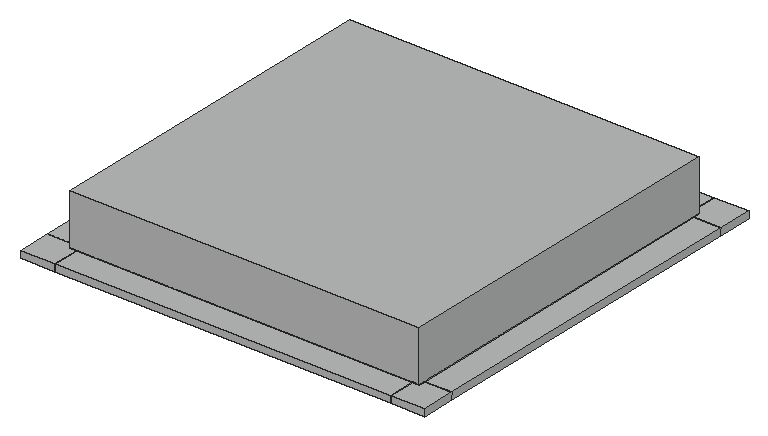
Revit family "ALUMOGIPS", category Осветительные приборы, Revit 2019 (continued)
Types (72, lengths in mm): name | Файл фотометрической сетки | built-in parameter 1150105 | Lumens | built-in parameter 1150106 | built-in parameter 1150142 | Wattage | Emit from Rectangle Width | Emit from Rectangle Length | Длина | Материал светильника | Ширина | ADSK_Ток | ADSK_Полная мощность | ADSK_Обозначение | ADSK_Номинальная мощность | ADSK_Наименование | ADSK_Масса | ADSK_Код изделия
    647 2.549 2.450 2.352 2.254 2.157 2.157 2.059 1.960 1.862 \r\n1.764 1.667 1.569 1.569 1.470 1.372 1.274 1.177 1.078 0.980 0.882 0.882 0.784 0.687 0.588 0.490 0.392 0.294 0.294 0.196 0.098 0.000 \r\n2755.907 2756.592 2751.104 2743.850 2728.264 2709.934 2687.389 2658.864 2627.007 2589.170 2545.942 2500.459 2452.036 2399.790 2343.035 2283.438 2222.565 2156.008 \r\n2088.079 2017.796 1945.750 1871.350 1794.794 1716.867 1637.076 1555.619 1473.182 1389.372 1303.113 1214.892 1128.633 1041.687 954.446 867.402 780.260 694.294 608.917 525.205 \r\n444.042 365.625 291.029 220.453 153.209 92.730 38.621 3.823 3.725 3.627 3.529 3.431 3.431 3.332 3.234 3.137 3.039 2.941 2.842 2.744 2.744 2.647 2.549 2.450 2.352 2.254 2.157 2.157 2.059 1.960 1.862 \r\n1.764 1.667 1.569 1.569 1.470 1.372 1.274 1.177 1.078 0.980 0.882 0.882 0.784 0.687 0.588 0.490 0.392 0.294 0.294 0.196 0.098 0.000 \r\n2755.907 2756.789 2751.201 2744.046 2728.558 2710.326 2687.879 2659.354 2627.693 2589.856 2546.629 2501.244 2452.820 2400.672 2343.917 2284.320 2223.545 2156.890 \r\n2089.059 2018.776 1946.730 1872.330 1795.774 1717.847 1638.056 1556.501 1474.064 1390.255 1304.093 1215.677 1129.417 1042.373 955.133 867.991 780.750 694.686 609.309 525.499 \r\n444.337 365.820 291.128 220.551 153.308 92.730 38.719 3.823 3.725 3.627 3.529 3.431 3.431 3.332 3.234 3.137 3.039 2.941 2.842 2.842 2.744 2.647 2.549 2.450 2.352 2.254 2.157 2.157 2.059 1.960 1.862 \r\n1.764 1.667 1.569 1.569 1.470 1.372 1.274 1.177 1.078 0.980 0.980 0.882 0.784 0.687 0.588 0.490 0.392 0.294 0.294 0.196 0.098 0.000 \r\n2755.907 2756.887 2751.398 2744.340 2728.852 2710.718 2688.466 2659.943 2628.281 2590.542 2547.314 2501.930 2453.605 2401.554 2344.799 2285.201 2224.525 2157.870 \r\n2090.039 2019.756 1947.710 1873.310 1796.853 1718.827 1638.939 1557.481 1474.946 1391.137 1304.975 1216.559 1130.201 1043.157 955.720 868.481 781.240 695.176 609.701 525.794 \r\n444.631 366.016 291.323 220.649 153.406 92.827 38.719 3.823 3.725 3.627 3.529 3.431 3.431 3.332 3.234 3.137 3.039 2.941 2.842 2.842 2.744 2.647 2.549 2.450 2.352 2.254 2.157 2.157 2.059 1.960 1.862 \r\n1.764 1.667 1.569 1.569 1.470 1.372 1.274 1.177 1.078 0.980 0.980 0.882 0.784 0.687 0.588 0.490 0.392 0.294 0.294 0.196 0.098 0.000 \r\n2755.907 2756.985 2751.496 2744.634 2729.244 2711.110 2688.957 2660.531 2628.967 2591.228 2548.001 2502.616 2454.389 2402.339 2345.682 2286.084 2225.506 2158.850 \r\n2091.019 2020.737 1948.690 1874.290 1797.833 1719.807 1639.919 1558.364 1475.926 1392.019 1305.955 1217.343 1130.887 1043.843 956.407 869.069 781.730 695.568 610.093 526.185 \r\n444.827 366.213 291.519 220.747 153.406 92.925 38.817 3.823 3.725 3.627 3.529 3.431 3.431 3.332 3.234 3.137 3.039 2.941 2.842 2.842 2.744 2.647 2.549 2.450 2.352 2.254 2.254 2.157 2.059 1.960 1.862 \r\n1.764 1.667 1.569 1.569 1.470 1.372 1.274 1.177 1.078 0.980 0.980 0.882 0.784 0.687 0.588 0.490 0.392 0.294 0.294 0.196 0.098 0.000 \r\n2755.907 2757.083 2751.594 2744.830 2729.539 2711.502 2689.545 2661.021 2629.654 2591.915 2548.687 2503.401 2455.271 2403.221 2346.564 2286.966 2226.486 2159.733 \r\n2091.999 2021.619 1949.769 1875.369 1798.813 1720.787 1640.899 1559.344 1476.809 1392.804 1306.837 1218.128 1131.672 1044.529 957.093 869.656 782.319 696.058 610.485 526.479 \r\n445.121 366.408 291.618 220.845 153.503 92.925 38.915 3.823 3.725 3.627 3.529 3.529 3.431 3.332 3.234 3.137 3.039 2.941 2.842 2.842 2.744 2.647 2.549 2.450 2.352 2.254 2.254 2.157 2.059 1.960 1.862 \r\n1.764 1.667 1.569 1.569 1.470 1.372 1.274 1.177 1.078 0.980 0.980 0.882 0.784 0.687 0.588 0.490 0.392 0.294 0.294 0.196 0.098 0.000 \r\n2755.907 2757.180 2751.691 2745.124 2729.832 2711.992 2690.035 2661.608 2630.339 2592.601 2549.373 2504.086 2456.055 2404.103 2347.348 2287.848 2227.466 2160.713 \r\n2092.980 2022.599 1950.749 1876.349 1799.793 1721.768 1641.879 1560.226 1477.691 1393.686 1307.720 1219.010 1132.456 1045.215 957.681 870.245 782.809 696.548 610.877 526.774 \r\n445.414 366.605 291.813 220.943 153.601 93.024 38.915 3.823 3.725 3.627 3.529 3.529 3.431 3.332 3.234 3.137 3.039 2.941 2.842 2.842 2.744 2.647 2.549 2.450 2.352 2.254 2.254 2.157 2.059 1.960 1.862 \r\n1.764 1.667 1.569 1.569 1.470 1.372 1.274 1.177 1.078 0.980 0.980 0.882 0.784 0.687 0.588 0.490 0.392 0.294 0.294 0.196 0.098 0.000 \r\n2755.907 2757.279 2751.789 2745.418 2730.127 2712.384 2690.525 2662.197 2631.026 2593.287 2550.059 2504.871 2456.839 2404.985 2348.231 2288.730 2228.446 2161.694 \r\n2093.960 2023.579 1951.729 1877.329 1800.774 1722.846 1642.860 1561.207 1478.672 1394.568 1308.701 1219.793 1133.142 1046.000 958.367 870.833 783.299 696.941 611.269 527.067 \r\n445.709 366.800 292.010 221.041 153.700 93.024 39.013 3.823 3.725 3.627 3.529 3.529 3.431 3.332 3.234 3.137 3.039 2.941 2.941 2.842 2.744 2.647 2.549 2.450 2.352 2.254 2.254 2.157 2.059 1.960 1.862 \r\n1.764 1.667 1.569 1.569 1.470 1.372 1.274 1.177 1.078 0.980 0.980 0.882 0.784 0.687 0.588 0.490 0.392 0.294 0.294 0.196 0.098 0.000 \r\n2755.907 2757.475 2751.986 2745.615 2730.420 2712.777 2691.113 2662.785 2631.614 2593.973 2550.648 2505.556 2457.624 2405.770 2349.113 2289.612 2229.426 2162.576 \r\n2094.842 2024.559 1952.709 1878.309 1801.754 1723.826 1643.742 1562.089 1479.554 1395.450 1309.583 1220.578 1133.926 1046.685 958.956 871.421 783.789 697.431 611.661 527.459 \r\n445.905 366.997 292.108 221.237 153.798 93.122 39.013 3.823 3.725 3.627 3.529 3.529 3.431 3.332 3.234 3.137 3.039 2.941 2.941 2.842 2.744 2.647 2.549 2.450 2.352 2.254 2.254 2.157 2.059 1.960 1.862 \r\n1.764 1.667 1.667 1.569 1.470 1.372 1.274 1.177 1.078 0.980 0.980 0.882 0.784 0.687 0.588 0.490 0.392 0.294 0.294 0.196 0.098 0.000 \r\n2755.907 2757.573 2752.084 2745.908 2730.715 2713.169 2691.603 2663.275 2632.300 2594.659 2551.333 2506.341 2458.408 2406.652 2349.995 2290.495 2230.407 2163.556 \r\n2095.822 2025.539 1953.788 1879.388 1802.734 1724.806 1644.722 1563.069 1480.436 1396.332 1310.465 1221.460 1134.711 1047.372 959.642 872.010 784.279 697.921 612.053 527.754 \r\n446.199 367.193 292.303 221.335 153.798 93.122 39.111 3.823 3.725 3.627 3.627 3.529 3.431 3.332 3.234 3.137 3.039 2.941 2.941 2.842 2.744 2.647 2.549 2.450 2.352 2.254 2.254 2.157 2.059 1.960 1.862 \r\n1.764 1.667 1.667 1.569 1.470 1.372 1.274 1.177 1.078 0.980 0.980 0.882 0.784 0.687 0.588 0.490 0.392 0.294 0.294 0.196 0.098 0.000 \r\n2755.907 2757.671 2752.181 2746.202 2731.009 2713.561 2692.094 2663.863 2632.986 2595.346 2552.020 2507.027 2459.192 2407.534 2350.877 2291.377 2231.387 2164.536 \r\n2096.802 2026.520 1954.768 1880.368 1803.714 1725.787 1645.702 1563.951 1481.416 1397.215 1311.445 1222.245 1135.396 1048.058 960.229 872.500 784.867 698.313 612.446 528.048 \r\n446.493 367.487 292.500 221.433 153.896 93.220 39.209 3.823 3.725 3.627 3.627 3.529 3.431 3.332 3.234 3.137 3.039 2.941 2.941 2.842 2.744 2.647 2.549 2.450 2.352 2.254 2.254 2.157 2.059 1.960 1.862 \r\n1.764 1.667 1.667 1.569 1.470 1.372 1.274 1.177 1.078 0.980 0.980 0.882 0.784 0.687 0.588 0.490 0.392 0.294 0.294 0.196 0.098 0.000 \r\n2755.907 2757.769 2752.279 2746.497 2731.302 2713.953 2692.682 2664.452 2633.673 2596.031 2552.705 2507.713 2459.976 2408.417 2351.759 2292.259 2232.368 2165.418 \r\n2097.782 2027.403 1955.748 1881.348 1804.694 1726.767 1646.682 1564.931 1482.299 1398.097 1312.327 1223.029 1136.181 1048.842 960.916 873.088 785.357 698.803 612.838 528.342 \r\n446.788 367.683 292.598 221.532 153.993 93.220 39.209 3.823 3.725 3.627 3.627 3.529 3.431 3.332 3.234 3.137 3.039 2.941 2.941 2.842 2.744 2.647 2.549 2.450 2.352 2.352 2.254 2.157 2.059 1.960 1.862 \r\n1.764 1.667 1.667 1.569 1.470 1.372 1.274 1.177 1.078 0.980 0.980 0.882 0.784 0.687 0.588 0.490 0.392 0.294 0.294 0.196 0.098 0.000 \r\n2755.907 2757.867 2752.378 2746.692 2731.695 2714.443 2693.172 2665.040 2634.358 2596.718 2553.392 2508.497 2460.760 2409.200 2352.642 2293.141 2233.348 2166.398 \r\n2098.763 2028.383 1956.728 1882.328 1805.773 1727.747 1647.662 1565.814 1483.181 1398.881 1313.307 1223.911 1136.965 1049.529 961.603 873.675 785.848 699.195 613.230 528.734 \r\n446.983 367.879 292.793 221.629 154.091 93.317 39.307 3.823 3.725 3.627 3.627 3.529 3.431 3.332 3.234 3.137 3.039 2.941 2.941 2.842 2.744 2.647 2.549 2.450 2.352 2.352 2.254 2.157 2.059 1.960 1.862 \r\n1.764 1.667 1.667 1.569 1.470 1.372 1.274 1.177 1.078 0.980 0.980 0.882 0.784 0.687 0.588 0.490 0.392 0.294 0.294 0.196 0.098 0.000 \r\n2755.907 2757.965 2752.574 2746.987 2731.989 2714.835 2693.662 2665.530 2635.045 2597.404 2554.078 2509.184 2461.545 2410.082 2353.524 2294.024 2234.328 2167.378 \r\n2099.743 2029.363 1957.708 1883.309 1806.753 1728.727 1648.643 1566.794 1484.161 1399.764 1314.190 1224.695 1137.651 1050.214 962.190 874.264 786.338 699.685 613.621 529.028 \r\n447.278 368.075 292.990 221.727 154.190 93.415 39.405 3.823 3.725 3.627 3.627 3.529 3.431 3.332 3.234 3.137 3.039 3.039 2.941 2.842 2.744 2.647 2.549 2.450 2.352 2.352 2.254 2.157 2.059 1.960 1.862 \r\n1.764 1.667 1.667 1.569 1.470 1.372 1.274 1.177 1.078 0.980 0.980 0.882 0.784 0.687 0.588 0.490 0.392 0.294 0.294 0.196 0.098 0.000 \r\n2755.907 2758.161 2752.671 2747.280 2732.283 2715.227 2694.250 2666.117 2635.633 2598.090 2554.764 2509.967 2462.329 2410.964 2354.406 2294.906 2235.309 2168.359 \r\n2100.625 2030.343 1958.787 1884.387 1807.733 1729.707 1649.525 1567.676 1485.043 1400.646 1315.072 1225.479 1138.435 1050.901 962.876 874.852 786.926 700.176 614.013 529.323 \r\n447.571 368.272 293.088 221.825 154.190 93.415 39.405 3.823 3.725 3.725 3.627 3.529 3.431 3.332 3.234 3.137 3.039 3.039 2.941 2.842 2.744 2.647 2.549 2.450 2.352 2.352 2.254 2.157 2.059 1.960 1.862 \r\n1.764 1.667 1.667 1.569 1.470 1.372 1.274 1.177 1.078 0.980 0.980 0.882 0.784 0.687 0.588 0.490 0.392 0.294 0.294 0.196 0.098 0.000 \r\n2755.907 2758.259 2752.770 2747.477 2732.577 2715.619 2694.741 2666.706 2636.319 2598.776 2555.352 2510.654 2463.113 2411.749 2355.190 2295.788 2236.289 2169.241 \r\n2101.605 2031.323 1959.767 1885.367 1808.713 1730.687 1650.505 1568.656 1485.925 1401.528 1316.052 1226.361 1139.219 1051.684 963.465 875.440 787.416 700.567 614.406 529.616 \r\n447.866 368.467 293.283 221.923 154.288 93.514 39.504 3.823 3.725 3.725 3.627 3.529 3.431 3.332 3.234 3.137 3.039 3.039 2.941 2.842 2.744 2.647 2.549 2.450 2.352 2.352 2.254 2.157 2.059 1.960 1.862 \r\n1.764 1.667 1.667 1.569 1.470 1.372 1.274 1.177 1.078 0.980 0.980 0.882 0.784 0.687 0.588 0.490 0.392 0.294 0.294 0.196 0.098 0.000 \r\n2755.907 2758.357 2752.868 2747.770 2732.871 2716.011 2695.329 2667.294 2637.005 2599.462 2556.039 2511.438 2463.897 2412.631 2356.072 2296.670 2237.269 2170.221 \r\n2102.585 2032.205 1960.747 1886.347 1809.694 1731.668 1651.485 1569.538 1486.905 1402.410 1316.934 1227.146 1139.905 1052.371 964.150 876.029 787.906 701.057 614.798 530.008 \r\n448.061 368.663 293.480 222.022 154.386 93.514 39.504 3.823 3.725 3.725 3.627 3.529 3.431 3.332 3.234 3.137 3.039 3.039 2.941 2.842 2.744 2.647 2.549 2.450 2.352 2.352 2.254 2.157 2.059 1.960 1.862 \r\n1.764 1.667 1.667 1.569 1.470 1.372 1.274 1.177 1.078 0.980 0.980 0.882 0.784 0.687 0.588 0.490 0.392 0.294 0.294 0.196 0.098 0.000 \r\n2755.907 2758.455 2753.064 2748.065 2733.166 2716.501 2695.819 2667.784 2637.692 2600.247 2556.724 2512.124 2464.681 2413.513 2356.954 2297.552 2238.249 2171.202 \r\n2103.565 2033.186 1961.727 1887.328 1810.674 1732.648 1652.465 1570.518 1487.788 1403.292 1317.816 1227.930 1140.689 1053.058 964.837 876.519 788.396 701.548 615.190 530.303 \r\n448.356 368.859 293.578 222.119 154.483 93.612 39.601 3.823 3.725 3.725 3.627 3.529 3.431 3.332 3.234 3.137 3.039 3.039 2.941 2.842 2.744 2.647 2.549 2.450 2.352 2.352 2.254 2.157 2.059 1.960 1.862 \r\n1.764 1.667 1.667 1.569 1.470 1.372 1.274 1.177 1.078 0.980 0.980 0.882 0.784 0.687 0.588 0.490 0.392 0.294 0.294 0.196 0.098 0.000 \r\n2755.907 2758.554 2753.161 2748.260 2733.459 2716.893 2696.309 2668.372 2638.377 2600.932 2557.411 2512.908 2465.466 2414.396 2357.836 2298.435 2239.229 2172.084 \r\n2104.547 2034.166 1962.708 1888.308 1811.654 1733.628 1653.446 1571.400 1488.670 1404.175 1318.796 1228.811 1141.474 1053.841 965.425 877.106 788.985 701.940 615.582 530.596 \r\n448.650 369.055 293.774 222.217 154.582 93.612 39.699 3.823 3.823 3.725 3.627 3.529 3.431 3.332 3.234 3.137 3.137 3.039 2.941 2.842 2.744 2.647 2.549 2.450 2.450 2.352 2.254 2.157 2.059 1.960 1.862 \r\n1.764 1.764 1.667 1.569 1.470 1.372 1.274 1.177 1.078 1.078 0.980 0.882 0.784 0.687 0.588 0.490 0.392 0.392 0.294 0.196 0.098 0.000 \r\n" | 51.164 W | 275 | 1175 | 1195 | RAL 9006 | 295 | 0.359168 A | 82.6087 VA | "Alumogips-76/opal-sand 295х1195 (IP40, 4000К, серый)" | 76 W | "Встраиваемый светодиодный светильник Alumogips-76/opal-sand 295х1195 (IP40, 4000К, серый)" | 2.5 | "ЦБ000007942"
